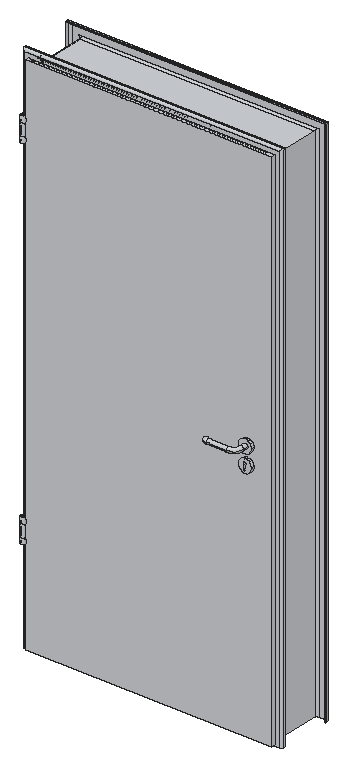
Revit family "BOS-Rundspiegelzarge-1r15ZBud_Familie", category Türen, Revit 2017 (continued)
Definition of nested family "BOS-Band-VX_Modell"
  Automatic sketch dimensions
    Extrusion 9 sketch curve to curve 1 = 7.771 mm
    Extrusion 9 sketch curve to Extrusion 9 sketch curve = 2.203 mm
    Extrusion 9 sketch curve to Extrusion 9 sketch curve = 7.729 mm
    Extrusion 10 sketch curve to Extrusion 10 sketch curve = 0 mm  (x6)
    Extrusion 10 sketch curve to curve 1 = 0 mm
    curve 1 to Extrusion 10 sketch curve = 0 mm
    Extrusion 10 sketch curve to curve 1 = 5.051 mm
    Extrusion 10 sketch curve to Extrusion 10 sketch curve = 4.091 mm
    Extrusion 10 sketch curve to curve 1 = 7.771 mm
    Extrusion 10 sketch curve to Extrusion 10 sketch curve = 2.203 mm
    Extrusion 10 sketch curve to Extrusion 10 sketch curve = 7.729 mm
    Extrusion 11 sketch curve to Extrusion 11 sketch curve = 0 mm  (x3)
    plane 1 to Extrusion 11 sketch curve = 0 mm
    Extrusion 11 sketch curve to plane 3 = 0 mm
    Extrusion 11 sketch curve to plane 1 = 1.171 mm
    Extrusion 11 sketch curve to Extrusion 11 sketch curve = 6.421 mm
    plane 1 to Extrusion 11 sketch curve = 7.193 mm
    Extrusion 11 sketch curve to Extrusion 11 sketch curve = 0.526 mm
    Extrusion 11 sketch curve to Extrusion 11 sketch curve = 0.553 mm
    Extrusion 11 sketch curve to plane 1 = 0.901 mm
    plane 1 to Extrusion 11 sketch curve = 10.603 mm
    Extrusion 11 sketch curve to Extrusion 11 sketch curve = 3.5 mm
    Extrusion 11 sketch curve to Extrusion 11 sketch curve = 0.158 mm
    Extrusion 11 sketch curve to Extrusion 11 sketch curve = 1.739 mm
    plane 1 to Extrusion 11 sketch curve = 4.695 mm
    Extrusion 12 sketch curve to Extrusion 12 sketch curve = 0 mm  (x6)
    curve 1 to Extrusion 12 sketch curve = 0 mm  (x2)
    curve 1 to Extrusion 12 sketch curve = 46.34 mm
    Extrusion 12 sketch curve to Extrusion 12 sketch curve = 3.031 mm  (x2)
    Extrusion 12 sketch curve to Extrusion 12 sketch curve = 5.75 mm
    Extrusion 12 sketch curve to Extrusion 12 sketch curve = 1.346 mm
    Extrusion 12 sketch curve to Extrusion 12 sketch curve = 0.548 mm
    Extrusion 12 sketch curve to Extrusion 12 sketch curve = 1.017 mm
    Extrusion 12 sketch curve to Extrusion 12 sketch curve = 3.25 mm
    Extrusion 12 sketch curve to Extrusion 12 sketch curve = 1.75 mm
    Extrusion 13 sketch curve to Extrusion 13 sketch curve = 0 mm  (x6)
    curve 1 to Extrusion 13 sketch curve = 0 mm  (x2)
    curve 1 to Extrusion 13 sketch curve = 46.34 mm
    Extrusion 13 sketch curve to Extrusion 13 sketch curve = 3.031 mm  (x2)
    Extrusion 13 sketch curve to Extrusion 13 sketch curve = 5.75 mm
    Extrusion 13 sketch curve to Extrusion 13 sketch curve = 1.346 mm
    Extrusion 13 sketch curve to Extrusion 13 sketch curve = 0.548 mm
    Extrusion 13 sketch curve to Extrusion 13 sketch curve = 1.017 mm
    Extrusion 13 sketch curve to Extrusion 13 sketch curve = 3.25 mm
    Extrusion 13 sketch curve to Extrusion 13 sketch curve = 1.75 mm
    radius of Sweep 1 sketch curve = 6.5 mm
Definition of nested family "BOS-BOS_Modell"
  Parameters (values of type "BOS-BOS_Modell")
    Abstand = 22 mm
  Reference planes
    plane 1 "Mitte (Vorne/hinten)": y = 0
    plane 2: z = 0
    plane 3 "Mitte (Links/rechts)": x = 0
    plane 4 "BOS": x = -22
  Dimensions and locks
    "Abstand": plane 4 "BOS" to plane 3 "Mitte (Links/rechts)"
    aligned and locked: level to plane 2
    aligned and locked: plane 1 "Mitte (Vorne/hinten)" to text3d elem
    aligned and locked: text3d elem to level
Definition of nested family "BOS-Info-Texte_Beschriftung"
  Parameters (values of type "Drückerhöhe Warnung")
    Unten = yes
    Schwarz = yes
    Rot = no
    Oben = no
    Info-Text En unten = "Please take the handle depth/height and/or DIN opening direction into account!"
    Info-Text De unten = "Drückertiefen/-höhen und/oder DIN Richtungen beachten/anpassen!"
    Info-Text En oben = "Kein Text"
    Englisch unten rot = and(and(Unten, Englisch), Rot)  # no
    Englisch unten schwarz = and(and(Unten, Englisch), Schwarz)  # no
    Englisch oben rot = and(and(Oben, Englisch), Rot)  # no
    Englisch oben schwarz = and(and(Oben, Englisch), Schwarz)  # no
    Info-Text De oben = "Kein Text"
    Warndreieck = yes
    Fehlerkreis = no
    Englisch = no
    Deutsch unten rot = and(and(Unten, Deutsch), Rot)  # no
    Deutsch unten schwarz = and(and(Unten, Deutsch), Schwarz)  # yes
    Deutsch oben rot = and(and(Oben, Deutsch), Rot)  # no
    Deutsch oben schwarz = and(and(Oben, Deutsch), Schwarz)  # no
    Deutsch = not(Englisch)  # yes
    Ausrufezeichen = "!"
  Types (15, lengths in mm): name | Unten | Schwarz | Rot | Oben | Info-Text En unten | Info-Text De unten | Info-Text En oben | Info-Text De oben | Warndreieck | Fehlerkreis | Deutsch unten schwarz | Deutsch oben rot | Deutsch oben schwarz
    Rechtliche Hinweise | no | yes | no | yes | "Kein Text" | "Kein Text" | "In accordance with the protection note according to DIN 34, the ownership and copyrights are reserved!\r\n© 2016 BOS GmbH, Emsdetten, Germany -\r\nObserve the ISO 16016 protective label (see ID data)!\r\n\r\nSubject to technical change!" | "Entsprechend dem Schutzvermerk nach DIN 34 behalten wir uns Eigentum und Urheberrecht vor!\r\n© 2016 BOS GmbH, Emsdetten, Deutschland -\r\nSchutzvermerk ISO 16016 beachten (siehe ID-Daten)!\r\n\r\nTechnische Änderungen vorbehalten!" | no | no | no | no | yes
    Maulweite Fehlermeldung | no | yes | no | yes | "Kein Text" | "Kein Text" | "Check the wall thickness!" | "Wandstärke prüfen!" | no | yes | no | no | yes
    Verstellbereich | no | yes | no | yes | "Kein Text" | "Kein Text" | "Adjustment area from -5 to +15mm,\r\nother adjustment areas possible" | "Verstellbereich von -5 bis +15mm\r\nanderer Verstellbereich möglich" | no | no | no | no | yes
    Verstellbereich wSvdW | no | yes | no | yes | "Kein Text" | "Kein Text" | "Adjustment area in the soffit from -2 to +15mm,\r\nother adjustment areas possible" | "Verstellbereich in der Zargenleibung von -2 bis +15mm\r\nanderer Verstellbereich möglich" | no | no | no | no | yes
    Wandartauswahl 15Nz15Z | no | yes | no | yes | "Kein Text" | "Kein Text" | "Attention for stud walls: underlay from site required!\r\nFor DIN door leaves, select larger structural wall measurements.\r\nFor selection \"stud walls\":\r\nsee 'Features' (remove tick for brick walls)" | "Achtung bei Ständerwerk: bauseitige Unterfütterung erforderlich!\r\nBei DIN-Türblatt Rohbaumaße größer wählen.\r\nFür Auswahl \"Ständerwerk\": \r\nsiehe 'Eigenschaften' (Häkchen entfernen bei Mauerwerk)." | no | no | no | no | yes
    Technische Hinweise | no | yes | no | yes | "Kein Text" | "Kein Text" | "Due to manufacturing reasons this Revit family may not be changed\r\nwithout consulting BOS!\r\n\r\nDo not mirror frames (door list)!\r\nsee ‘Features’: DIN left / DIN right\r\n\r\nThe solid and stud walls or, for example, their profiles,\r\nmust be designed so that they can reliably and sustainably\r\nabsorb the static and dynamic forces resulting\r\nfrom the load on the door element used." | "Diese Revit-Familie darf aus fertigungstechnischen Gründen\r\nnicht ohne Rücksprache mit BOS abgeändert werden!\r\n\r\nZargen nicht spiegeln (Türliste)!\r\nsiehe 'Eigenschaften': DIN links / DIN rechts\r\n\r\nDie Massiv- und Ständerwerkswände bzw. deren Profile\r\nmüssen so ausgebildet sein, dass sie die statischen\r\nund dynamischen Kräfte, welche sich aus der Belastung\r\ndes verwendeten Türelements ergeben, zuverlässig\r\nund nachhaltig aufnehmen können." | no | no | no | no | yes
    Drückerhöhe Warnung | yes | yes | no | no | "Please take the handle depth/height and/or DIN opening direction into account!" | "Drückertiefen/-höhen und/oder DIN Richtungen beachten/anpassen!" | "Kein Text" | "Kein Text" | yes | no | yes | no | no
    Maulweite-Dehnungsfuge Fehlermeldung | no | yes | no | yes | "Kein Text" | "Kein Text" | "Check the wall thickness and/or expansion joint!" | "Wandstärke und/oder Dehnungsfuge prüfen!" | no | yes | no | no | yes
    Technische Hinweise Norm | no | yes | no | yes | "Kein Text" | "Kein Text" | "Due to manufacturing reasons this Revit family may not be changed\r\nwithout consulting BOS!\r\n\r\nThe solid and stud walls or, for example, their profiles,\r\nmust be designed so that they can reliably and sustainably\r\nabsorb the static and dynamic forces resulting\r\nfrom the load on the door element used." | "Diese Revit-Familie darf aus fertigungstechnischen Gründen\r\nnicht ohne Rücksprache mit BOS abgeändert werden!\r\n\r\nDie Massiv- und Ständerwerkswände bzw. deren Profile\r\nmüssen so ausgebildet sein, dass sie die statischen\r\nund dynamischen Kräfte, welche sich aus der Belastung\r\ndes verwendeten Türelements ergeben, zuverlässig\r\nund nachhaltig aufnehmen können." | no | no | no | no | yes
    Maßauswahl | no | no | yes | yes | "Kein Text" | "Kein Text" | "To choose  Rebate Width/Height Measurement, Receiving Opening\r\nsee 'Features'" | "Auswahl von FMB, FMH, MW\r\nunter 'Eigenschaften'" | no | no | no | yes | no
    Rohbaumaß Warnung (Spiegelbreiten) | no | yes | no | yes | "Kein Text" | "Kein Text" | "For DIN door leaves, select larger structural wall measurements!\r\nWhen changing the architrave widths, the structural measurements change accordingly." | "Bei DIN-Türblatt Rohbaumaße größer wählen!\r\nBei Änderung der Spiegelbreiten, Rohbaumaße beachten." | no | no | no | no | yes
    Drehpunkt Warnung | no | yes | no | yes | "Kein Text" | "Kein Text" | "The actual pivot point of the door leaf\r\nmay differ from the one illustrated!" | "Der tatsächliche Drehpunkt des Türblattes\r\nkann von der Darstellung abweichen!" | no | no | no | no | yes
    Türblattgewicht Hinweis | no | yes | no | yes | "Kein Text" | "Kein Text" | "Attention! Take door leaf weight into account!\r\nSee Webseite" | "Achtung! Türblattgewicht beachten!\r\nSiehe Webseite" | no | no | no | no | yes
    Pendeltürbänder Hinweis | no | yes | no | yes | "Kein Text" | "Kein Text" | "Please observe the instructions for the double action spring hinges\r\ngiven by the door hinge manufacturer Frivado\r\nregarding door leaf width, height and thickness!" | "Die Angaben zu den Pendeltürbändern\r\ndes Herstellers Fridavo beachten: zu \r\nTürblattbreite, -höhe, -dicke und -gewicht!" | no | no | no | no | yes
    Rohbaumaß Warnung | no | yes | no | yes | "Kein Text" | "Kein Text" | "For DIN door leaves, select larger structural wall measurements!" | "Bei DIN-Türblatt Rohbaumaße größer wählen!" | no | no | no | no | yes
  Reference planes
    plane 1: y = 0.955
    plane 2: x = 0
  Lines and regions (mm)
    Filled region 1, type "Gefüllter Bereich Gelb", visible <- "Warndreieck"
      outline origin (-7.188, 1.747, 0) x (1, 0, 0) y (0, 1, 0)
        loop
          line (5.951, -3.033) -> (8.413, -3.033) -> (7.182, -0.9) -> (5.951, -3.033)
    Filled region 2, type "Gefüllter Bereich Rot", visible <- "Fehlerkreis"
      outline origin (0, -3.763, 0) x (1, 0, 0) y (0, 1, 0)
        loop
          circle (0, 3.1) r 1.5
        loop
          line (-0.937, 3.486) -> (-0.937, 2.686) -> (1.023, 2.686) -> (1.023, 3.486) -> (-0.937, 3.486)
    Filled region 3, type "Gefüllter Bereich Weiss", visible <- "Fehlerkreis"
      outline origin (-7.014, -2.062, 0) x (1, 0, 0) y (0, 1, 0)
        loop
          line (6.077, 1.785) -> (6.077, 0.985) -> (8.038, 0.985) -> (8.038, 1.785) -> (6.077, 1.785)
  Text (mm)
    label "Info-Text De oben schwarz" at (0.065, 1.415, 0), shows "Info-Text De oben", visible <- "Deutsch oben schwarz"
    label "!" at (0.065, -0.414, 0), shows "Ausrufezeichen", visible <- "Warndreieck"
    label "Info-Text En oben schwarz" at (0.065, 1.415, 0), shows "Info-Text En oben", visible <- "Englisch oben schwarz"
    label "Info-Text De unten schwarz" at (0.218, -2.468, 0), shows "Info-Text De unten", visible <- "Deutsch unten schwarz"
    label "Info-Text En unten schwarz" at (0.065, -2.419, 0), shows "Info-Text En unten", visible <- "Englisch unten schwarz"
    label "Info-Text En oben rot" at (0.065, 1.415, 0), shows "Info-Text En oben", visible <- "Englisch oben rot"
    label "Info-Text En unten rot" at (0.065, -2.419, 0), shows "Info-Text En unten", visible <- "Englisch unten rot"
    label "Info-Text De unten rot" at (0.065, -2.419, 0), shows "Info-Text De unten", visible <- "Deutsch unten rot"
    label "Info-Text De oben rot" at (-0.371, 1.396, 0), shows "Info-Text De oben", visible <- "Deutsch oben rot"
Definition of nested family "BOS-Logo_Modell"
  Parameters (values of type "BOS-Logo_Modell")
    URL = "www.BestOfSteel.de"
    Rechtliche Hinweise = "www.BestOfSteel.de/tools-downloads/bim-building-information-modeling/"
    Description = "BOS Logo"
    Keynote = "BOS Logo"
    BOS-Architekten-Beratung = "Tel.: +49 (0) 2572 203-203; E-Mail: architekten@BestOfSteel.de"
    Technische Infos rund um die Stahlzarge = "www.BestOfSteel.de/tools-downloads/technische-infos-rund-um-die-stahlzarge/"
    Abstand vertikal = 10 mm
    Abstand horizontal = 15 mm
  Reference planes
    plane 1: y = 0
    plane 2: z = 0
    plane 3: x = 0
    plane 4: x = -7
    plane 5: x = 7
    plane 6: y = 8.299
    plane 7: x = 15
    plane 8: y = 4.15
    plane 9: x = -15
    plane 10: y = 14.15
    plane 11: y = -5.85
  Dimensions and locks
    plane 4 to plane 3 to plane 5 = 7 mm, 7 mm
    "Abstand vertikal": plane 11 to plane 8 to plane 10
    plane 6 to plane 8 to plane 1 = 4.15 mm, 4.15 mm
    "Abstand horizontal": plane 9 to plane 3
    "Abstand horizontal": plane 3 to plane 7
    aligned and locked: level to plane 2
Definition of nested family "BOS-Druckfeste-Unterfütterung-bauseits_Detail"
  Parameters (values of type "BOS-Druckfeste-Unterfütterung-bauseits_Detail")
    Unterfütterungsstärke = 12 mm
    Unterfütterungabstand vorne = 30 mm
    Unterfütterungabstand hinten = 30 mm
    URL = "www.BestOfSteel.de"
    Rechtliche Hinweise = "www.BestOfSteel.de/tools-downloads/bim-building-information-modeling/"
    Putzwinkel vorne = 0 mm
    Putzwinkel hinten = 0 mm
    MW Maulweite = 200 mm
    BOS-Architekten-Beratung = "Tel.: +49 (0) 2572 203-203; E-Mail: architekten@BestOfSteel.de"
    Technische Infos rund um die Stahlzarge = "www.BestOfSteel.de/tools-downloads/technische-infos-rund-um-die-stahlzarge/"
    Manufacturer = "BOS GmbH Best Of Steel, Lütkenfelde 4, D-48282 Emsdetten"
    Description = "Druckfeste Unterfütterung (bauseits)"
    Keynote = "BOS Detail"
  Reference planes
    plane 1: y = 0
    plane 2: z = 0
    plane 3: x = 0
    plane 4: y = 200
    plane 5: x = 12
    plane 6: y = 0
    plane 7: y = 200
    plane 8: y = 170
    plane 9: y = 30
    plane 10: y = 100
  Lines and regions (mm)
    detail lines, in view "Ref.-Ebene"
      curve 1: line (0, 30, 0) -> (12, 30, 0)
      curve 2: line (12, 30, 0) -> (12, 170, 0)
      curve 3: line (12, 170, 0) -> (0, 170, 0)
      curve 4: line (0, 170, 0) -> (0, 30, 0)
      curve 5: line (0, 30, 0) -> (12, 170, 0)
      curve 6: line (12, 30, 0) -> (0, 170, 0)
  Dimensions and locks
    "MW Maulweite": plane 4 to plane 1
    "Putzwinkel vorne": plane 1 to plane 6
    "Putzwinkel hinten": plane 7 to plane 4
    "Unterfütterungabstand vorne": plane 9 to plane 6
    "Unterfütterungabstand hinten": plane 7 to plane 8
    "Unterfütterungsstärke": plane 3 to plane 5
    equal spacing: plane 4, plane 10, plane 1
  Automatic sketch dimensions
    curve 1 to plane 3 = 0 mm
    curve 6 to plane 5 = 0 mm
    curve 6 to plane 9 = 0 mm
    curve 3 to plane 8 = 0 mm
Definition of nested family "BOS-Nivellieranker_Detail"
  Parameters (values of type "BOS-Nivellieranker_Detail")
    Unterfütterungsstärke = 0 mm
    URL = "www.BestOfSteel.de"
    Stumpf-Gefälzt = if(Gefälzt, 28 mm, 46 mm)  # 28 mm
    Stumpf = no
    Schraubenabstand vorne = 17 mm
    Schraubenabstand hinten = 21 mm
    Rechtliche Hinweise = "www.BestOfSteel.de/tools-downloads/bim-building-information-modeling/"
    Putzwinkel vorne = 15 mm
    Nivellierankerlänge = if(and(Gefälzt, Nivellierankergröße < 2), 87 mm, if(and(Stumpf, Nivellierankergröße < 3), 105 mm, 55 mm + (Nivellierankergröße * 25 mm)))  # 205 mm
    Nivellierankergröße = if(roundup((GT - 94 mm) / 25 mm) < 0, 0, roundup((GT - 94 mm) / 25 mm))  # 6
    MW Maulweite = 200 mm
    Manufacturer = "BOS GmbH Best Of Steel, Lütkenfelde 4, D-48282 Emsdetten"
    Gefälzt = yes
    GT min. = if(Gefälzt, 105 mm, 120 mm)  # 105 mm
    GT max. = if(Gefälzt, 319 mm, 344 mm)  # 319 mm
    GT Gesamttiefe = 230 mm
    GT = if(or(GT Gesamttiefe < GT min., GT Gesamttiefe > GT max.), 0 mm, GT Gesamttiefe)  # 230 mm
    Falzaufschlag gesamt = 15 mm
    Einfügepunkt = 22 mm
    Blechstärke = 1.5 mm
    Description = "Nivellieranker"
    Keynote = "BOS Detail"
    BOS-Architekten-Beratung = "Tel.: +49 (0) 2572 203-203; E-Mail: architekten@BestOfSteel.de\r\nTel.: +49 (0) 2572 203-203, Fax -209; E-Mail: architekten@BestOfSteel.de\r\nTel.: +49 (0) 2572 203-203, Fax -209; E-Mail: architekten@BestOfSteel.de"
    Technische Infos rund um die Stahlzarge = "www.BestOfSteel.de/tools-downloads/technische-infos-rund-um-die-stahlzarge/"
    Abstand vorne = 0 mm
    Abstand hinten = 0 mm
  Reference planes
    plane 1: z = 0
    plane 2: x = 0
    plane 3: x = 35.5
    plane 4: y = 193.247
    plane 5: y = 3.247
    plane 6: y = 16.747
    plane 7: y = 216.747
    plane 8: x = 20.5
    plane 9: y = 1.747
    plane 10: x = 37
    plane 11: x = 22
    plane 12: y = 48.247
    plane 13: y = 187.247
    plane 14: y = 208.247
    plane 15: y = 3.247
    plane 16: x = 8.5
    plane 17: y = 31.247
    plane 18: x = 2
    plane 19: y = 52.247
    plane 20: y = 44.247
    plane 21: y = 183.247
    plane 22: y = 191.247
    plane 23: x = 33.5
    plane 24: x = 0
    plane 25: y = 109.247
  Lines and regions (mm)
    detail lines, in view "Ref.-Ebene", not visible
      curve 1: arc (191, 231, 0) -> (192, 230, 0) -> (193, 231, 0) r 1
      curve 2: arc (193, 244, 0) -> (192, 245, 0) -> (191, 244, 0) r 1
      curve 3: line (193, 231, 0) -> (193, 244, 0)
      curve 4: line (191, 244, 0) -> (191, 231, 0)
      curve 11: line (234.876, 339.411, 0) -> (233.447, 342.424, 0)
      curve 12: line (233.447, 342.424, 0) -> (235.255, 343.281, 0)
      curve 13: line (235.255, 343.281, 0) -> (236.876, 339.862, 0)
      curve 14: line (236.876, 327.281, 0) -> (238.976, 327.281, 0)
      curve 15: line (238.976, 327.281, 0) -> (238.976, 328.281, 0)
      curve 16: line (236.876, 343.285, 0) -> (236.876, 327.281, 0)
    reference lines, in view "Ref.-Ebene", not visible
      curve 5: line (187.644, 237.5, 0) -> (197.644, 237.5, 0)
      curve 30: line (234.876, 339.411, 0) -> (234.876, 327.411, 0)
      curve 31: line (236.876, 343.285, 0) -> (241.876, 343.285, 0)
    detail lines, in view "Ref.-Ebene"
      curve 6: arc (0, 180.747, 0) -> (1, 179.747, 0) -> (2, 180.747, 0) r 1
      curve 7: arc (2, 193.747, 0) -> (1, 194.747, 0) -> (0, 193.747, 0) r 1
      curve 8: line (2, 180.747, 0) -> (2, 193.747, 0)
      curve 9: line (0, 193.747, 0) -> (0, 180.747, 0)
      curve 17: arc (0, 41.747, 0) -> (1, 40.747, 0) -> (2, 41.747, 0) r 1
      curve 18: arc (2, 54.747, 0) -> (1, 55.747, 0) -> (0, 54.747, 0) r 1
      curve 19: line (2, 41.747, 0) -> (2, 54.747, 0)
      curve 20: line (0, 54.747, 0) -> (0, 41.747, 0)
      curve 22: line (8.5, 204.373, 0) -> (7.072, 207.386, 0)
      curve 23: line (7.072, 207.386, 0) -> (8.879, 208.243, 0)
      curve 24: line (8.879, 208.243, 0) -> (10.5, 204.823, 0)
      curve 25: line (10.5, 192.243, 0) -> (12.6, 192.243, 0)
      curve 26: line (12.6, 192.243, 0) -> (12.6, 193.243, 0)
      curve 27: line (10.5, 208.247, 0) -> (10.5, 192.243, 0)
      curve 32: line (2, 191.247, 0) -> (8.5, 191.247, 0)
      curve 33: line (2, 183.247, 0) -> (8.5, 183.247, 0)
      curve 34: line (8.5, 52.247, 0) -> (2, 52.247, 0)
      curve 35: line (2, 44.247, 0) -> (8.5, 44.247, 0)
      curve 36: arc (18.158, 31.008, 0) -> (17.681, 31.374, 0) -> (17.5, 31.947, 0) r 1
      curve 37: arc (17.474, 29.128, 0) -> (16.043, 30.227, 0) -> (15.5, 31.947, 0) r 3
      curve 38: arc (18.526, 30.874, 0) -> (19.957, 29.775, 0) -> (20.5, 28.055, 0) r 3
      curve 39: arc (17.842, 28.994, 0) -> (18.319, 28.628, 0) -> (18.5, 28.055, 0) r 1
      curve 40: line (17.5, 31.947, 0) -> (17.5, 193.247, 0)
      curve 41: line (20.5, 28.055, 0) -> (20.5, 5.247, 0)
      curve 42: line (20.5, 5.247, 0) -> (10.5, 5.247, 0)
      curve 43: line (10.5, 5.247, 0) -> (10.5, 3.247, 0)
      curve 44: line (10.5, 3.247, 0) -> (8.5, 3.247, 0)
      curve 45: line (8.5, 3.247, 0) -> (8.5, 204.377, 0)
      curve 46: line (15.5, 193.247, 0) -> (15.5, 31.947, 0)
      curve 47: line (18.5, 5.247, 0) -> (18.5, 28.055, 0)
      curve 48: line (18.526, 30.874, 0) -> (18.158, 31.008, 0)
      curve 49: line (17.842, 28.994, 0) -> (17.474, 29.128, 0)
      curve 50: line (10.5, 208.247, 0) -> (35.5, 208.247, 0)
      curve 51: line (35.5, 193.247, 0) -> (10.5, 193.247, 0)
      curve 52: line (35.5, 208.247, 0) -> (35.5, 193.247, 0)
      curve 53: line (33.5, 193.247, 0) -> (33.5, 208.247, 0)
    reference lines, in view "Ref.-Ebene"
      curve 10: line (-3.356, 187.247, 0) -> (6.644, 187.247, 0)
      curve 21: line (-3.356, 48.247, 0) -> (6.644, 48.247, 0)
      curve 28: line (8.5, 204.373, 0) -> (8.5, 192.373, 0)
      curve 29: line (10.5, 208.247, 0) -> (15.5, 208.247, 0)
  Dimensions and locks
    "Blechstärke": plane 5 to plane 9
    "Putzwinkel vorne": plane 6 to plane 9
    "Blechstärke": plane 8 to plane 11
    "Einfügepunkt": plane 2 to plane 11
    "Blechstärke": plane 3 to plane 10
    "Falzaufschlag gesamt": plane 11 to plane 10
    locked: plane 4 to plane 14 at 15
    "Abstand vorne": plane 15 to plane 5
    plane 16 to plane 8 = 12 mm
    "Stumpf-Gefälzt": plane 17 to plane 15
    plane 19 to plane 20 = 8 mm
    locked: plane 21 to plane 22 at 8
    equal spacing: plane 19, plane 12, plane 20
    equal spacing: plane 21, plane 13, plane 22
    plane 23 to plane 3 = 2 mm
    "Schraubenabstand hinten": plane 14 to plane 13
    "Nivellierankerlänge": plane 14 to plane 15
    "Schraubenabstand vorne": plane 12 to plane 17
    plane 24 to plane 18 = 2 mm
    "Unterfütterungsstärke": plane 2 to plane 24
    equal spacing: plane 9, plane 25, plane 7
    "MW Maulweite": plane 6 to plane 7
    aligned and locked: curve 21 to plane 12
    aligned and locked: curve 10 to plane 13
    aligned and locked: plane 16 to curve 28
    aligned and locked: curve 29 to plane 14
    aligned and locked: plane 24 to curve 20
    aligned and locked: plane 24 to curve 9
  Automatic sketch dimensions
    curve 1 to curve 1 = 1 mm
    curve 1 to curve 3 = 13 mm
    curve 5 to curve 5 = 10 mm
    curve 6 to curve 6 = 1 mm
    curve 6 to curve 8 = 13 mm
    curve 10 to curve 10 = 10 mm
    curve 17 to curve 17 = 1 mm
    curve 17 to curve 19 = 13 mm
    curve 21 to curve 21 = 10 mm
    curve 22 to curve 23 = 1.807 mm
    curve 22 to curve 27 = 3.428 mm
    curve 25 to curve 26 = 2.1 mm
    curve 25 to curve 23 = 15.143 mm
    curve 22 to curve 23 = 0.857 mm
    curve 22 to curve 24 = 2 mm
    curve 25 to curve 26 = 1 mm
    curve 23 to curve 27 = 0.004 mm
    curve 11 to curve 12 = 1.807 mm
    curve 11 to curve 16 = 3.428 mm
    curve 14 to curve 15 = 2.1 mm
    curve 14 to curve 12 = 15.143 mm
    curve 11 to curve 12 = 0.857 mm
    curve 11 to curve 13 = 2 mm
    curve 14 to curve 15 = 1 mm
    curve 12 to curve 16 = 0.004 mm
    curve 28 to curve 29 = 2 mm
    curve 29 to curve 29 = 5 mm
    curve 28 to curve 28 = 12 mm
    curve 28 to curve 29 = 3.874 mm
    curve 30 to curve 31 = 2 mm
    curve 31 to curve 31 = 5 mm
    curve 30 to curve 30 = 12 mm
    curve 30 to curve 31 = 3.874 mm
    curve 35 to plane 18 = 0 mm
    curve 34 to plane 18 = 0 mm
    curve 33 to plane 18 = 0 mm
    curve 32 to plane 18 = 0 mm
    curve 33 to plane 16 = 0 mm
    curve 35 to plane 20 = 0 mm
    curve 34 to plane 19 = 0 mm
    curve 33 to plane 21 = 0 mm
    plane 22 to curve 32 = 0 mm
    curve 36 to curve 37 = 0 mm  (x2)
    curve 38 to curve 39 = 0 mm  (x2)
    curve 43 to plane 15 = 0 mm
    curve 40 to plane 4 = 0 mm
    curve 38 to plane 8 = 0 mm
    curve 53 to plane 23 = 0 mm
    curve 51 to plane 3 = 0 mm
    curve 53 to plane 14 = 0 mm
    plane 8 to curve 39 = 3 mm
    plane 17 to curve 36 = 0.7 mm
    plane 8 to curve 36 = 2 mm
    curve 39 to plane 17 = 3.193 mm
    curve 50 to plane 16 = 2 mm
    curve 44 to curve 44 = 2 mm
    curve 51 to plane 16 = 2 mm
    curve 51 to curve 46 = 5 mm
    curve 49 to curve 38 = 0.026 mm
    curve 46 to curve 40 = 2 mm
    curve 49 to curve 39 = 0.368 mm
    curve 48 to plane 17 = 0.239 mm
    plane 8 to curve 47 = 2 mm
    curve 38 to plane 17 = 0.373 mm
    plane 15 to curve 42 = 2 mm
    curve 45 to plane 14 = 3.87 mm
Definition of nested family "BOS-Trapezanker_Detail"
  Parameters (values of type "BOS-Trapezanker_Detail")
    wk-Zarge = no
    Vorsprung = if([wk-Zarge], 2 * Blechstärke, 0 mm)  # 0 mm
    Radius innen = 1 mm
    Putzwinkel hinten = 15 mm
    Führungsanker wk-Einfachfalz = and([wk-Zarge], Einfachfalz)  # no
    Führungsanker wk-Doppelfalz = and([wk-Zarge], Doppelfalz)  # no
    Führungsanker Einfachfalz = and(not([wk-Zarge]), Einfachfalz)  # yes
    Führungsanker Doppelfalz = and(not([wk-Zarge]), Doppelfalz)  # no
    Ankerstärke = 10 mm
    Ankerabstand vorne = 0 mm
    GT Gesamttiefe = 230 mm
    Falzaufschlag gesamt = 15 mm
    Einfügepunkt = 29 mm
    Einfachfalz = yes
    Rechtliche Hinweise = "www.BestOfSteel.de/tools-downloads/bim-building-information-modeling/"
    Putzwinkel vorne = 15 mm
    Doppelfalz = no
    URL = "www.BestOfSteel.de"
    Manufacturer = "BOS GmbH Best Of Steel, Lütkenfelde 4, D-48282 Emsdetten"
    Blechstärke = 1.5 mm
    Description = "Trapezanker"
    Keynote = "BOS Detail"
    BOS-Architekten-Beratung = "Tel.: +49 (0) 2572 203-203; E-Mail: architekten@BestOfSteel.de"
    Ankerlänge = GT Gesamttiefe - Ankerabstand vorne - 2 * Blechstärke - Ankerabstand hinten  # 212 mm
    Technische Infos rund um die Stahlzarge = "www.BestOfSteel.de/tools-downloads/technische-infos-rund-um-die-stahlzarge/\r\nwww.BestOfSteel.de/tools-downloads/technische-infos-rund-um-die-stahlzarge/\r\nwww.BestOfSteel.de/tools-downloads/technische-infos-rund-um-die-stahlzarge/"
    Ankerabstand hinten = 15 mm
  Reference planes
    plane 1: y = 10
    plane 2: z = 0
    plane 3: y = 223
    plane 4: y = 11
    plane 5: x = -42.5
    plane 6: y = 23.5
    plane 7: y = 8.5
    plane 8: x = -15
    plane 9: x = -25
    plane 10: y = 237
    plane 11: y = 238.5
    plane 12: x = 0
    plane 13: x = 1.5
    plane 14: x = -13.5
    plane 15: y = 123.5
    plane 16: y = 223.5
    plane 17: y = 11
    plane 18: x = 1.5
  Lines and regions (mm)
    detail lines, in view "Ref.-Ebene"
      curve 1: line (-16.5, 11, 0) -> (-16.5, 223, 0)
      curve 2: line (-23.5, 11, 0) -> (-23.5, 223, 0)
      curve 3: line (-15, 11, 0) -> (-15, 223, 0)
      curve 4: line (-25, 11, 0) -> (-15, 11, 0)
      curve 5: line (-15, 223, 0) -> (-25, 223, 0)
      curve 6: line (-25, 11, 0) -> (-25, 223, 0)
    detail lines, in view "Ref.-Ebene", visible <- "Führungsanker Einfachfalz"
      curve 7: arc (-2, 195.213, 0) -> (-2.073, 195.588, 0) -> (-2.281, 195.909, 0) r 1
      curve 8: arc (-12, 229.5, 0) -> (-19.5, 237, 0) -> (-27, 229.5, 0) r 7.5
      curve 9: arc (-14, 229.5, 0) -> (-19.5, 235, 0) -> (-25, 229.5, 0) r 5.5
      curve 10: arc (-14, 214.44, 0) -> (-13.301, 209.615, 0) -> (-11.261, 205.187, 0) r 17
      curve 11: arc (-12, 214.44, 0) -> (-11.383, 210.183, 0) -> (-9.584, 206.276, 0) r 15
      curve 12: line (-25, 212, 0) -> (-27, 212, 0)
      curve 13: line (-27, 212, 0) -> (-27, 229.5, 0)
      curve 14: line (0, 173, 0) -> (-2, 173, 0)
      curve 15: line (-2, 173, 0) -> (-2, 195.213, 0)
      curve 16: line (-12, 229.5, 0) -> (-12, 214.44, 0)
      curve 17: line (-14, 229.5, 0) -> (-14, 214.44, 0)
      curve 18: line (-0.844, 197.246, 0) -> (-9.584, 206.276, 0)
      curve 19: line (-2.281, 195.909, 0) -> (-11.261, 205.187, 0)
      curve 20: arc (0, 195.16, 0) -> (-0.219, 196.285, 0) -> (-0.844, 197.246, 0) r 3
      curve 21: line (0, 173, 0) -> (0, 195.16, 0)
      curve 22: line (-25, 212, 0) -> (-25, 229.5, 0)
    detail lines, in view "Ref.-Ebene", visible <- "Führungsanker Einfachfalz", not visible
      curve 23: arc (127.112, 256.588, 0) -> (127.039, 256.963, 0) -> (126.831, 257.284, 0) r 1
      curve 24: arc (117.112, 290.875, 0) -> (109.612, 298.375, 0) -> (102.112, 290.875, 0) r 7.5
      curve 25: arc (115.112, 290.875, 0) -> (109.612, 296.375, 0) -> (104.112, 290.875, 0) r 5.5
      curve 26: arc (115.112, 275.815, 0) -> (115.811, 270.99, 0) -> (117.851, 266.562, 0) r 17
      curve 27: arc (117.112, 275.815, 0) -> (117.729, 271.558, 0) -> (119.528, 267.651, 0) r 15
      curve 28: line (104.112, 273.375, 0) -> (102.112, 273.375, 0)
      curve 29: line (102.112, 273.375, 0) -> (102.112, 290.875, 0)
      curve 30: line (129.112, 234.375, 0) -> (127.112, 234.375, 0)
      curve 31: line (127.112, 234.375, 0) -> (127.112, 256.588, 0)
      curve 32: line (117.112, 290.875, 0) -> (117.112, 275.815, 0)
      curve 33: line (115.112, 290.875, 0) -> (115.112, 275.815, 0)
      curve 34: line (128.268, 258.621, 0) -> (119.528, 267.651, 0)
      curve 35: line (126.831, 257.284, 0) -> (117.851, 266.562, 0)
      curve 36: arc (129.112, 256.535, 0) -> (128.893, 257.66, 0) -> (128.268, 258.621, 0) r 3
      curve 37: line (129.112, 234.375, 0) -> (129.112, 256.535, 0)
      curve 38: line (104.112, 273.375, 0) -> (104.112, 290.875, 0)
    detail lines, in view "Ref.-Ebene", visible <- "Führungsanker Doppelfalz"
      curve 39: arc (13, 195.061, 0) -> (12.819, 195.634, 0) -> (12.342, 196, 0) r 1
      curve 40: arc (-12, 217.443, 0) -> (-9.581, 209.276, 0) -> (-3.105, 203.742, 0) r 15
      curve 41: arc (-14, 217.443, 0) -> (-11.259, 208.187, 0) -> (-3.92, 201.915, 0) r 17
      curve 42: arc (-12, 229.5, 0) -> (-19.5, 237, 0) -> (-27, 229.5, 0) r 7.5
      curve 43: arc (-14, 229.5, 0) -> (-19.5, 235, 0) -> (-25, 229.5, 0) r 5.5
      curve 44: line (-27, 229.5, 0) -> (-27, 212, 0)
      curve 45: line (-27, 212, 0) -> (-25, 212, 0)
      curve 46: line (15, 174.157, 0) -> (13, 174.157, 0)
      curve 47: line (13, 174.157, 0) -> (13, 195.061, 0)
      curve 48: line (-12, 229.5, 0) -> (-12, 217.443, 0)
      curve 49: line (-14, 229.5, 0) -> (-14, 217.443, 0)
      curve 50: line (12.342, 196, 0) -> (-3.92, 201.915, 0)
      curve 51: line (13.025, 197.875, 0) -> (-3.105, 203.742, 0)
      curve 52: arc (15, 195.055, 0) -> (14.457, 196.776, 0) -> (13.025, 197.875, 0) r 3
      curve 53: line (15, 174.157, 0) -> (15, 195.055, 0)
      curve 54: line (-25, 229.5, 0) -> (-25, 212, 0)
    detail lines, in view "Ref.-Ebene", visible <- "Führungsanker Doppelfalz", not visible
      curve 55: arc (244.535, 325.598, 0) -> (244.354, 326.172, 0) -> (243.877, 326.538, 0) r 1
      curve 56: arc (219.535, 347.981, 0) -> (221.953, 339.814, 0) -> (228.429, 334.28, 0) r 15
      curve 57: arc (217.535, 347.981, 0) -> (220.276, 338.725, 0) -> (227.615, 332.453, 0) r 17
      curve 58: arc (219.535, 360.038, 0) -> (212.035, 367.538, 0) -> (204.535, 360.038, 0) r 7.5
      curve 59: arc (217.535, 360.038, 0) -> (212.035, 365.538, 0) -> (206.535, 360.038, 0) r 5.5
      curve 60: line (204.535, 360.038, 0) -> (204.535, 342.538, 0)
      curve 61: line (204.535, 342.538, 0) -> (206.535, 342.538, 0)
      curve 62: line (246.535, 304.694, 0) -> (244.535, 304.694, 0)
      curve 63: line (244.535, 304.694, 0) -> (244.535, 325.598, 0)
      curve 64: line (219.535, 360.038, 0) -> (219.535, 347.981, 0)
      curve 65: line (217.535, 360.038, 0) -> (217.535, 347.981, 0)
      curve 66: line (243.877, 326.538, 0) -> (227.615, 332.453, 0)
      curve 67: line (244.56, 328.413, 0) -> (228.429, 334.28, 0)
      curve 68: arc (246.535, 325.593, 0) -> (245.992, 327.314, 0) -> (244.56, 328.413, 0) r 3
      curve 69: line (246.535, 304.694, 0) -> (246.535, 325.593, 0)
      curve 70: line (206.535, 360.038, 0) -> (206.535, 342.538, 0)
    reference lines, in view "Ref.-Ebene"
      curve 71: line (-7.209, 237, 0) -> (-30.5, 237, 0)
      curve 73: line (-7.209, 237, 0) -> (-30.5, 237, 0)
      curve 89: line (-7.209, 237, 0) -> (-30.5, 237, 0)
      curve 123: line (-7.209, 237, 0) -> (-30.5, 237, 0)
    reference lines, in view "Ref.-Ebene", not visible
      curve 72: line (121.903, 298.375, 0) -> (98.612, 298.375, 0)
      curve 74: line (224.325, 367.538, 0) -> (201.035, 367.538, 0)
      curve 106: line (121.903, 298.375, 0) -> (98.612, 298.375, 0)
      curve 140: line (224.325, 367.538, 0) -> (201.035, 367.538, 0)
    detail lines, in view "Ref.-Ebene", visible <- "Führungsanker wk-Einfachfalz"
      curve 75: arc (-5, 195.213, 0) -> (-5.041, 195.497, 0) -> (-5.161, 195.757, 0) r 1
      curve 76: arc (-12, 229.5, 0) -> (-19.5, 237, 0) -> (-27, 229.5, 0) r 7.5
      curve 77: arc (-14, 229.5, 0) -> (-19.5, 235, 0) -> (-25, 229.5, 0) r 5.5
      curve 78: arc (-14, 214.44, 0) -> (-13.301, 209.615, 0) -> (-11.261, 205.187, 0) r 17
      curve 79: arc (-12, 214.44, 0) -> (-11.383, 210.183, 0) -> (-9.584, 206.276, 0) r 15
      curve 80: line (-25, 212, 0) -> (-27, 212, 0)
      curve 81: line (-27, 212, 0) -> (-27, 229.5, 0)
      curve 82: line (-3, 173, 0) -> (-5, 173, 0)
      curve 83: line (-5, 173, 0) -> (-5, 195.213, 0)
      curve 84: line (-12, 229.5, 0) -> (-12, 214.44, 0)
      curve 85: line (-14, 229.5, 0) -> (-14, 214.44, 0)
      curve 86: arc (-3, 195.16, 0) -> (-3.123, 196.011, 0) -> (-3.483, 196.792, 0) r 3
      curve 87: line (-3, 173, 0) -> (-3, 195.16, 0)
      curve 88: line (-25, 212, 0) -> (-25, 229.5, 0)
      curve 90: line (-9.584, 206.276, 0) -> (-3.447, 196.816, 0)
      curve 91: line (-11.261, 205.187, 0) -> (-5.149, 195.765, 0)
    detail lines, in view "Ref.-Ebene", visible <- "Führungsanker wk-Einfachfalz", not visible
      curve 92: arc (124.112, 256.588, 0) -> (124.071, 256.872, 0) -> (123.951, 257.133, 0) r 1
      curve 93: arc (117.112, 290.875, 0) -> (109.612, 298.375, 0) -> (102.112, 290.875, 0) r 7.5
      curve 94: arc (115.112, 290.875, 0) -> (109.612, 296.375, 0) -> (104.112, 290.875, 0) r 5.5
      curve 95: arc (115.112, 275.815, 0) -> (115.811, 270.99, 0) -> (117.851, 266.562, 0) r 17
      curve 96: arc (117.112, 275.815, 0) -> (117.729, 271.558, 0) -> (119.528, 267.651, 0) r 15
      curve 97: line (104.112, 273.375, 0) -> (102.112, 273.375, 0)
      curve 98: line (102.112, 273.375, 0) -> (102.112, 290.875, 0)
      curve 99: line (126.112, 234.375, 0) -> (124.112, 234.375, 0)
      curve 100: line (124.112, 234.375, 0) -> (124.112, 256.588, 0)
      curve 101: line (117.112, 290.875, 0) -> (117.112, 275.815, 0)
      curve 102: line (115.112, 290.875, 0) -> (115.112, 275.815, 0)
      curve 103: arc (126.112, 256.535, 0) -> (125.989, 257.386, 0) -> (125.629, 258.167, 0) r 3
      curve 104: line (126.112, 234.375, 0) -> (126.112, 256.535, 0)
      curve 105: line (104.112, 273.375, 0) -> (104.112, 290.875, 0)
      curve 107: line (119.528, 267.651, 0) -> (125.666, 258.191, 0)
      curve 108: line (117.851, 266.562, 0) -> (123.963, 257.14, 0)
    detail lines, in view "Ref.-Ebene", visible <- "Führungsanker wk-Doppelfalz"
      curve 109: arc (10, 195.061, 0) -> (9.839, 195.605, 0) -> (9.407, 195.974, 0) r 1
      curve 110: arc (-12, 217.443, 0) -> (-9.586, 209.282, 0) -> (-3.119, 203.748, 0) r 15
      curve 111: arc (-14, 217.443, 0) -> (-11.26, 208.188, 0) -> (-3.922, 201.916, 0) r 17
      curve 112: arc (-12, 229.5, 0) -> (-19.5, 237, 0) -> (-27, 229.5, 0) r 7.5
      curve 113: arc (-14, 229.5, 0) -> (-19.5, 235, 0) -> (-25, 229.5, 0) r 5.5
      curve 114: line (-27, 229.5, 0) -> (-27, 212, 0)
      curve 115: line (-27, 212, 0) -> (-25, 212, 0)
      curve 116: line (12, 174.157, 0) -> (10, 174.157, 0)
      curve 117: line (10, 174.157, 0) -> (10, 195.061, 0)
      curve 118: line (-12, 229.5, 0) -> (-12, 217.443, 0)
      curve 119: line (-14, 229.5, 0) -> (-14, 217.443, 0)
      curve 120: arc (12, 195.055, 0) -> (11.457, 196.776, 0) -> (10.025, 197.875, 0) r 3
      curve 121: line (12, 174.157, 0) -> (12, 195.055, 0)
      curve 122: line (-25, 229.5, 0) -> (-25, 212, 0)
      curve 124: line (10.025, 197.875, 0) -> (-3.119, 203.748, 0)
      curve 125: line (-3.922, 201.916, 0) -> (9.407, 195.974, 0)
    detail lines, in view "Ref.-Ebene", visible <- "Führungsanker wk-Doppelfalz", not visible
      curve 126: arc (241.535, 325.598, 0) -> (241.374, 326.143, 0) -> (240.942, 326.512, 0) r 1
      curve 127: arc (219.535, 347.981, 0) -> (221.949, 339.82, 0) -> (228.415, 334.286, 0) r 15
      curve 128: arc (217.535, 347.981, 0) -> (220.275, 338.726, 0) -> (227.613, 332.454, 0) r 17
      curve 129: arc (219.535, 360.038, 0) -> (212.035, 367.538, 0) -> (204.535, 360.038, 0) r 7.5
      curve 130: arc (217.535, 360.038, 0) -> (212.035, 365.538, 0) -> (206.535, 360.038, 0) r 5.5
      curve 131: line (204.535, 360.038, 0) -> (204.535, 342.538, 0)
      curve 132: line (204.535, 342.538, 0) -> (206.535, 342.538, 0)
      curve 133: line (243.535, 304.694, 0) -> (241.535, 304.694, 0)
      curve 134: line (241.535, 304.694, 0) -> (241.535, 325.598, 0)
      curve 135: line (219.535, 360.038, 0) -> (219.535, 347.981, 0)
      curve 136: line (217.535, 360.038, 0) -> (217.535, 347.981, 0)
      curve 137: arc (243.535, 325.593, 0) -> (242.992, 327.314, 0) -> (241.56, 328.413, 0) r 3
      curve 138: line (243.535, 304.694, 0) -> (243.535, 325.593, 0)
      curve 139: line (206.535, 360.038, 0) -> (206.535, 342.538, 0)
      curve 141: line (241.56, 328.413, 0) -> (228.415, 334.286, 0)
      curve 142: line (227.613, 332.454, 0) -> (240.942, 326.512, 0)
  Dimensions and locks
    "Ankerabstand vorne": plane 17 to plane 4
    "Blechstärke": plane 7 to plane 1
    "Putzwinkel vorne": plane 6 to plane 7
    "Ankerlänge": plane 3 to plane 4
    "Ankerstärke": plane 9 to plane 8
    "Blechstärke": plane 11 to plane 10
    "GT Gesamttiefe": plane 11 to plane 7
    "Blechstärke": plane 12 to plane 13
    "Einfügepunkt": plane 5 to plane 14
    "Blechstärke": plane 8 to plane 14
    equal spacing: plane 11, plane 15, plane 7
    "Radius innen": plane 1 to plane 17
    "Putzwinkel hinten": plane 11 to plane 16
    "Vorsprung": plane 13 to plane 18
    "Falzaufschlag gesamt": plane 14 to plane 18
    aligned and locked: curve 71 to plane 10
    aligned and locked: curve 73 to plane 10
    aligned and locked: curve 22 to plane 9
    aligned and locked: plane 9 to curve 54
    aligned and locked: curve 89 to plane 10
    aligned and locked: curve 123 to plane 10
    aligned and locked: curve 88 to plane 9
    aligned and locked: plane 9 to curve 122
  Automatic sketch dimensions
    curve 6 to plane 3 = 0 mm
    curve 6 to plane 9 = 0 mm
    curve 3 to plane 8 = 0 mm
    curve 6 to plane 4 = 0 mm
    curve 4 to curve 2 = 1.5 mm
    plane 8 to curve 1 = 1.5 mm
    curve 73 to curve 73 = 23.291 mm
    curve 74 to curve 74 = 23.291 mm
    curve 71 to curve 71 = 23.291 mm
    curve 72 to curve 72 = 23.291 mm
    curve 89 to curve 89 = 23.291 mm
    curve 78 to curve 79 = 0 mm  (x4)
    curve 80 to curve 88 = 2 mm
    curve 77 to curve 76 = 5.5 mm
    curve 84 to curve 91 = 0.739 mm
    curve 78 to curve 90 = 1.678 mm
    curve 78 to curve 86 = 5.261 mm
    curve 75 to curve 86 = 0 mm
    curve 75 to curve 83 = 1 mm
    curve 82 to curve 87 = 2 mm
    curve 79 to curve 79 = 15 mm
    curve 82 to curve 87 = 22.16 mm
    curve 86 to curve 75 = 0.054 mm
    curve 86 to curve 90 = 1.657 mm
    curve 90 to curve 91 = 8.371 mm
    curve 80 to curve 85 = 2.44 mm
    curve 85 to curve 76 = 15.06 mm
    curve 75 to curve 75 = 0.161 mm
    curve 75 to curve 91 = 0.012 mm
    curve 86 to curve 90 = 0.037 mm
    curve 75 to curve 91 = 0.008 mm
    curve 91 to curve 90 = 1.702 mm
    curve 76 to curve 77 = 0 mm  (x4)
    curve 106 to curve 106 = 23.291 mm
    curve 95 to curve 96 = 0 mm  (x4)
    curve 97 to curve 105 = 2 mm
    curve 94 to curve 93 = 5.5 mm
    curve 101 to curve 108 = 0.739 mm
    curve 95 to curve 107 = 1.678 mm
    curve 95 to curve 103 = 5.261 mm
    curve 92 to curve 103 = 0 mm
    curve 92 to curve 100 = 1 mm
    curve 99 to curve 104 = 2 mm
    curve 96 to curve 96 = 15 mm
    curve 99 to curve 104 = 22.16 mm
    curve 103 to curve 92 = 0.054 mm
    curve 103 to curve 107 = 1.657 mm
    curve 107 to curve 108 = 8.371 mm
    curve 97 to curve 102 = 2.44 mm
    curve 102 to curve 93 = 15.06 mm
    curve 92 to curve 92 = 0.161 mm
    curve 92 to curve 108 = 0.012 mm
    curve 103 to curve 107 = 0.037 mm
    curve 92 to curve 108 = 0.008 mm
    curve 108 to curve 107 = 1.702 mm
    curve 93 to curve 94 = 0 mm  (x4)
    curve 123 to curve 123 = 23.291 mm
    curve 110 to curve 111 = 0 mm  (x4)
    curve 112 to curve 113 = 0 mm  (x4)
    curve 114 to curve 122 = 2 mm
    curve 113 to curve 113 = 5.5 mm
    curve 118 to curve 124 = 8.881 mm
    curve 124 to curve 111 = 6.119 mm
    curve 110 to curve 109 = 12.119 mm
    curve 120 to curve 109 = 0 mm
    curve 120 to curve 117 = 1 mm
    curve 117 to curve 124 = 0.025 mm
    curve 116 to curve 121 = 2 mm
    curve 116 to curve 120 = 20.899 mm
    curve 120 to curve 117 = 0.005 mm
    curve 120 to curve 124 = 5.874 mm
    curve 115 to curve 111 = 5.443 mm
    curve 119 to curve 119 = 12.057 mm
    curve 125 to curve 110 = 0.803 mm
    curve 109 to curve 109 = 0.407 mm
    curve 140 to curve 140 = 23.291 mm
    curve 127 to curve 128 = 0 mm  (x4)
    curve 129 to curve 130 = 0 mm  (x4)
    curve 131 to curve 139 = 2 mm
    curve 130 to curve 130 = 5.5 mm
    curve 135 to curve 141 = 8.881 mm
    curve 141 to curve 128 = 6.119 mm
    curve 127 to curve 126 = 12.119 mm
    curve 137 to curve 126 = 0 mm
    curve 137 to curve 134 = 1 mm
    curve 134 to curve 141 = 0.025 mm
    curve 133 to curve 138 = 2 mm
    curve 133 to curve 137 = 20.899 mm
    curve 137 to curve 134 = 0.005 mm
    curve 137 to curve 141 = 5.874 mm
    curve 132 to curve 128 = 5.443 mm
    curve 136 to curve 136 = 12.057 mm
    curve 142 to curve 127 = 0.803 mm
    curve 126 to curve 126 = 0.407 mm
Types (4, lengths in mm): name | Unterfütterungsabstand hinten | Spiegel vorne max. | Spiegel hinten min. | Spiegel hinten max. | Türblattversatz vertikal | Türblattversatz  horizontal | Türblattabstand 1 | Stumpf | LDH Lichte Durchgangs Höhe   Clearance Height | LDB Lichte Durchgangs Breite   Clearance Width | Gefälzt | Türblattstärke 3 | Türblattstärke 2 | Türblattstärke 1 | Türblattstärke | Spiegel hinten   Architrave Back | Spiegel hinten | Falztiefe gesamt | Falztiefe | Falzaufschlag gesamt | Doppelfalz | Einfachfalz | Dichtungsversatz vertikal 2 | Dichtungsversatz vertikal 1 | Dichtung 2 | Drehpunktposition vertikal | Drehpunktposition horizontal | Drehpunktabstand (FM) horizontal | Drehpunktabstand (SP) vertikal | Bänder - Auswahl | 1r15ZBsFd | 1r15ZBuFd | Modell | 1r15ZBud | 1r15ZBsd | Beschreibung
  1r15ZBud | 60 | 65 | 50 | 50 | -3.5 | 11.5 | 1.5 | no | 2093 | 936 | yes | 0 | 25.5 | 14.5 | 40 | 50 | 50 | 28.5 | 28.5 | 15 | no | yes | 46.5 | 21.5 | no | 129.5 | 1504 | 21 | 12.5 | "3D Bänder gefälzt, Bandaufnahmen BVX11000" | no | no | "1r15ZBud" | yes | no | "2-schalige Rundspiegelzarge als Blockprofil, gefälzt"
  1r15ZBuFd | 60 | 50 | 65 | 65 | -3.5 | 11.5 | 1.5 | no | 2078 | 906 | yes | 25 | 25.5 | 14.5 | 65 | 65 | 65 | 53.5 | 28.5 | 30 | yes | no | 46.5 | 21.5 | yes | 129.5 | 1504 | 21 | 12.5 | "3D Bänder gefälzt, Bandaufnahmen BVX11000" | no | yes | "1r15ZBuFd" | no | no | "2-schalige Rundspiegelzarge als Blockprofil, gefälzt, mit Doppelfalz"
  1r15ZBsd | 80 | 65 | 50 | 50 | 15.5 | 6 | -2 | yes | 2093 | 936 | no | 0 | 40 | 0 | 40 | 50 | 50 | 46.5 | 46.5 | 15 | no | yes | 64.5 | 39.5 | no | 130.5 | 1485.5 | 2.5 | 13.5 | "3D Bänder stumpf, Bandaufnahmen BVX11000" | no | no | "1r15ZBsd" | no | yes | "2-schalige Rundspiegelzarge als Blockprofil, stumpf"
  1r15ZBsFd | 80 | 50 | 65 | 65 | 15.5 | 6 | -2 | yes | 2078 | 906 | no | 25 | 40 | 0 | 65 | 65 | 65 | 71.5 | 46.5 | 30 | yes | no | 64.5 | 39.5 | yes | 130.5 | 1485.5 | 2.5 | 13.5 | "3D Bänder stumpf, Bandaufnahmen BVX11000" | yes | no | "1r15ZBsFd" | no | no | "2-schalige Rundspiegelzarge als Blockprofil, stumpf, mit Doppelfalz"
